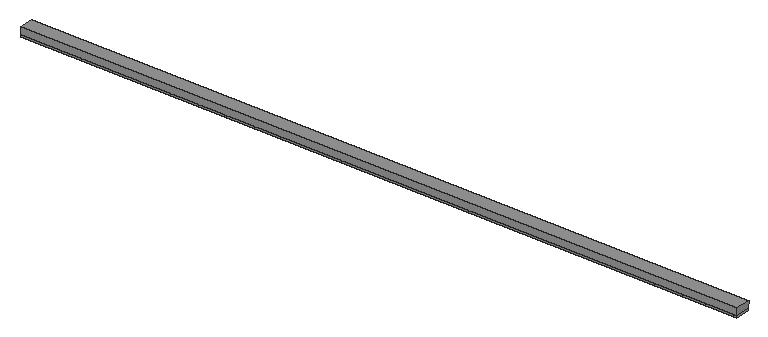
Revit family "0068106", category Lighting Fixtures, host Face, Revit 2017
Family settings
  Host = Face
  Round Connector Dimension = Use Diameter
  Part Type = Normal
  OmniClass Number = 23.80.70.00
  OmniClass Title = Lighting
  Cut with Voids When Loaded = No
  Light Source = Yes
  Shared = No
  Room Calculation Point = No
Parameters (values of type "0068106 START ECO FLEX IP67 830 4825LM - 500 mm")
  Width_SYL = if(IP20HO_SYL, 10 mm, if(IP65_SYL, 12 mm, if(IP65HO_SYL, 10 mm, if(IP67_SYL, 10 mm, if(IP20RGB_SYL, 8 mm, if(IP20RGBW_SYL, 12 mm, if(IP67RGB_SYL, 12 mm, if(IP67RGBW_SYL, 14 mm, 8 mm))))))))  # 10 mm
  Weight = "3.5 kg"
  Wattage Comments = ""
  Wattage = 47.5 W
  WarrantyStartDate [instance] = "n/a"
  WarrantyGuarantorParts = "n/a"
  WarrantyDurationUnit = "n/a"
  WarrantyDurationParts = "n/a"
  WarrantyDescription = "n/a"
  built-in parameter 1150110 = 1 (stored number, unit not read)
  Voltage = 24 V
  URL = "http://www.sylvania-lighting.com"
  TypeName = "START ECO FLEX IP67 830 4825LM - 500 mm"
  Type Image = <None>
  Type Comments = "n/a"
  built-in parameter 1114217 = 1 (stored number, unit not read)
  Tilt Angle = -90.00°
  built-in parameter 1150109 = 1 (stored number, unit not read)
  built-in parameter 1150134 = (empty or 0)
  built-in parameter 1150113 = 1 (stored number, unit not read)
  StartCapWidth_SYL = if(IP20HO_SYL, 2 mm, if(IP65_SYL, 14 mm, if(IP65HO_SYL, 12 mm, if(IP67_SYL, 17.5 mm, if(IP20RGB_SYL, 2 mm, if(IP20RGBW_SYL, 2 mm, if(IP67RGB_SYL, 14 mm, if(IP67RGBW_SYL, 16 mm, 2 mm))))))))  # 17.5 mm
  StartCapVisible_SYL [instance] = no
  StartCapLength_SYL = if(IP20HO_SYL, 2 mm, if(IP65_SYL, 10 mm, if(IP65HO_SYL, 15 mm, if(IP67_SYL, 35 mm, if(IP20RGB_SYL, 2 mm, if(IP20RGBW_SYL, 2 mm, if(IP67RGB_SYL, 12 mm, if(IP67RGBW_SYL, 12 mm, 2 mm))))))))  # 35 mm
  StartCapHeight_SYL = if(IP20HO_SYL, 2 mm, if(IP65_SYL, 6 mm, if(IP65HO_SYL, 6 mm, if(IP67_SYL, 9.5 mm, if(IP20RGB_SYL, 2 mm, if(IP20RGBW_SYL, 2 mm, if(IP67RGB_SYL, 7 mm, if(IP67RGBW_SYL, 7 mm, 2 mm))))))))  # 9.5 mm
  SerialNumber [instance] = "n/a"
  SealingVisibility_SYL = yes
  IP67_SYL = yes
  IP67RGB_SYL = no
  IP67RGBW_SYL = no
  IP65_SYL = no
  IP65HO_SYL = no
  IP20RGB_SYL = no
  IP20RGBW_SYL = no
  IP20HO_SYL = no
  HeightWithSealing_SYL = if(IP20HO_SYL, 2 mm, if(IP65_SYL, 4 mm, if(IP65HO_SYL, 4 mm, if(IP67_SYL, 6 mm, if(IP20RGB_SYL, 2 mm, if(IP20RGBW_SYL, 2 mm, if(IP67RGB_SYL, 5 mm, if(IP67RGBW_SYL, 5 mm, 2 mm))))))))  # 6 mm
  Photometric Web File = "0068106.ies"
  Material_3_SYL = ABS Plastic
  PowerFactor = 0
  PowerConsumption = "47.5 W"
  NominalLength = 5000 mm
  NominalHeight = 6 mm
  NominalDepth = 13.5 mm
  Name = "START ECO FLEX IP67 830 4825LM - 500 mm"
  ModelReference = Name  # "START ECO FLEX IP67 830 4825LM - 500 mm"
  ModelNumber = "0068106"
  Model = Name  # "START ECO FLEX IP67 830 4825LM - 500 mm"
  Material = "pvc housing, pvc diffuser"
  ManufacturerName = "Feilo Sylvania"
  Manufacturer = "Feilo Sylvania"
  LuminousEfficacy = "102 lm/W"
  built-in parameter 1150105 = 1682.2 (stored number, unit not read)
  Lumens = 4845 lm
  LuminaireType = ""
  built-in parameter 1150115 = 1 (stored number, unit not read)
  LightOutputRatio = "n/a"
  built-in parameter 1150137 = (empty or 0)
  built-in parameter 1150139 = (empty or 0)
  Length_SYL = 500 mm
  LampsType = Lamp  # "LED"
  LampNominalLuminous = "4825 lm"
  LampMacAdamStep = "3"
  LampColourTemperature = "3000 K"
  LampColourRenderingIndex = "80"
  built-in parameter 1150112 = 1 (stored number, unit not read)
  built-in parameter 1150114 = 1 (stored number, unit not read)
  Lamp = "LED"
  Keynote = "16500"
  InstallationDate [instance] = "n/a"
  InputVoltage = "24V DC"
  InputNominalFrequency = "n/a"
  built-in parameter 1150132 = (empty or 0)
  built-in parameter 1150102 = (empty or 0)
  built-in parameter 1150107 = 3000 (stored number, unit not read)
  built-in parameter 1150138 = (empty or 0)
  IngressProtection = "IP67"
  ImpactProtectionIndex = "IK00"
  built-in parameter 1150106 = 16.822 (stored number, unit not read)
  IfcExportType = "IfcLightFixtureType"
  IfcExportAs = "IfcLightFixtureType"
  EndCapWidth_SYL = if(IP20HO_SYL, 2 mm, if(IP65_SYL, 14 mm, if(IP65HO_SYL, 12 mm, if(IP67_SYL, 17.5 mm, if(IP20RGB_SYL, 2 mm, if(IP20RGBW_SYL, 2 mm, if(IP67RGB_SYL, 14 mm, if(IP67RGBW_SYL, 16 mm, 2 mm))))))))  # 17.5 mm
  EndCapVisible_SYL [instance] = no
  EndCapLength_SYL = if(IP20HO_SYL, 2 mm, if(IP65_SYL, 10 mm, if(IP65HO_SYL, 10 mm, if(IP67_SYL, 15 mm, if(IP20RGB_SYL, 2 mm, if(IP20RGBW_SYL, 2 mm, if(IP67RGB_SYL, 10 mm, if(IP67RGBW_SYL, 10 mm, 2 mm))))))))  # 15 mm
  EndCapHeight_SYL = if(IP20HO_SYL, 2 mm, if(IP65_SYL, 6 mm, if(IP65HO_SYL, 6 mm, if(IP67_SYL, 9.5 mm, if(IP20RGB_SYL, 2 mm, if(IP20RGBW_SYL, 2 mm, if(IP67RGB_SYL, 7 mm, if(IP67RGBW_SYL, 7 mm, 2 mm))))))))  # 9.5 mm
  EmitSurfaceOffset_SYL = 1 mm  # constant formula
  EmitSurfaceHeight_SYL = if(IP20HO_SYL, 1.2 mm, if(IP65_SYL, 4 mm, if(IP65HO_SYL, 4 mm, if(IP67_SYL, 6 mm, if(IP20RGB_SYL, 1.2 mm, if(IP20RGBW_SYL, 1.2 mm, if(IP67RGB_SYL, 5 mm, if(IP67RGBW_SYL, 5 mm, 1.2 mm))))))))  # 6 mm
  built-in parameter 1150127 = if(IP20HO_SYL, 3.5 mm, if(IP65_SYL, 12 mm, if(IP65HO_SYL, 10 mm, if(IP67_SYL, 10 mm, if(IP20RGB_SYL, 5 mm, if(IP20RGBW_SYL, 5 mm, if(IP67RGB_SYL, 12 mm, if(IP67RGBW_SYL, 14 mm, 3.5 mm))))))))  # 10 mm
  Emit from Rectangle Length = Length_SYL - 2 * EmitSurfaceOffset_SYL  # 498 mm
  Emit Shape Visible in Rendering = no
  ElectricShockClassification = "Class III"
  built-in parameter 1150104 = 9.4761 (stored number, unit not read)
  DocumentationLiterature = "http://www.sylvania-lighting.com/product/en-int/products/0068106"
  DimmingControlOptions = "n/a"
  Material_2_SYL = LED
  Dimming Lamp Color Temperature Shift = <None>
  Description = "5 metre IP67 LED reel with pre-attached 3M adhesive type;  equipped with 300 LEDs; 4825lm per 5m (965lm per 1m); 24V; 3000K; CRI80; SDCM <3; 30000 hrs (L70)"
  Default Elevation = 1219.2 mm
  CreatedOn = "9/11/2019"
  CreatedBy = "@sylvania-lighting.com"
  Cost = 0
  Color Filter = 16777215
  built-in parameter 1114216 [instance] = (empty or 0)
  ClassificationValue = "EF_70_80"
  ClassificationName = "Uniclass2015"
  Material_1_SYL = Aluminum
  BarCode [instance] = "n/a"
  built-in parameter 1114218 = 1 (stored number, unit not read)
  Emit from Rectangle Width = 3048 mm
  AssetType = "Fixed"
  AssetIdentifier [instance] = "n/a"
  Assembly Code = "D5020200"
  Apparent Load = 47.5 VA
  Material_4_SYL = Polycarbonate, Clear
Types (4, lengths in mm): name | TypeName | StartCapVisible_SYL | Name | ModelReference | Model | Length_SYL | EndCapVisible_SYL | Emit from Rectangle Length
  0068106 START ECO FLEX IP67 830 4825LM - 500 mm | "START ECO FLEX IP67 830 4825LM - 500 mm" | no | "START ECO FLEX IP67 830 4825LM - 500 mm" | "START ECO FLEX IP67 830 4825LM - 500 mm" | "START ECO FLEX IP67 830 4825LM - 500 mm" | 500 | no | 498
  0068106 START ECO FLEX IP67 830 4825LM - 100 mm | "START ECO FLEX IP67 830 4825LM - 100 mm" | no | "START ECO FLEX IP67 830 4825LM - 100 mm" | "START ECO FLEX IP67 830 4825LM - 100 mm" | "START ECO FLEX IP67 830 4825LM - 100 mm" | 100 | no | 98
  0068106 START ECO FLEX IP67 830 4825LM - 50 mm | "START ECO FLEX IP67 830 4825LM - 50 mm" | yes | "START ECO FLEX IP67 830 4825LM - 50 mm" | "START ECO FLEX IP67 830 4825LM - 50 mm" | "START ECO FLEX IP67 830 4825LM - 50 mm" | 50 | yes | 48
  0068106 START ECO FLEX IP67 830 4825LM - 10 mm | "START ECO FLEX IP67 830 4825LM - 10 mm" | yes | "START ECO FLEX IP67 830 4825LM - 10 mm" | "START ECO FLEX IP67 830 4825LM - 10 mm" | "START ECO FLEX IP67 830 4825LM - 10 mm" | 10 | yes | 8
Reference planes
  plane 1 "Center (Front/Back)": y = 0
  plane 2: z = 0
  plane 3 "Center (Left/Right)": x = 0
  plane 4: y = 5
  plane 5: y = -5
  plane 6: z = 1.2
  plane 7: x = 500
  plane 8: x = 250
  plane 9: x = 1
  plane 10: x = 499
  plane 11: y = 1.8
  plane 12: y = -1.8
  plane 13: y = 8.75
  plane 14: y = -8.75
  plane 15: x = -35
  plane 16: x = 515
  plane 17: y = 8.75
  plane 18: y = -8.75
  plane 19: z = 6
  plane 20: z = 6
  plane 21: z = 3
  plane 22: z = -1.75
  plane 23: z = 7.75
  plane 24: z = 7.75
  plane 25: z = -1.75
Forms (mm)
  Extrusion 1, solid, material "Aluminum" <- "Material_1_SYL"
    sketch origin (0, 0, 0) x (0, 1, 0) y (0, 0, 1)
      loop
        line (-5, 1.2) -> (-5, 0) -> (5, 0) -> (5, 1.2) -> (-5, 1.2)
    from 0 to 500
  Extrusion 2, solid, material "Polycarbonate, Clear" <- "Material_4_SYL", visible <- "SealingVisibility_SYL"
    sketch origin (0, 0, 0) x (0, 1, 0) y (0, 0, 1)
      loop
        line (-5, 1.2) -> (5, 1.2) -> (5, 6) -> (-5, 6) -> (-5, 1.2)
    from 0 to 500
  Extrusion 3, solid, visible <- "StartCapVisible_SYL"
    sketch origin (0, 0, 0) x (0, 1, 0) y (0, 0, 1)
      loop
        line (-8.75, -1.75) -> (8.75, -1.75) -> (8.75, 7.75) -> (-8.75, 7.75) -> (-8.75, -1.75)
    from 0 to -35
  Extrusion 4, solid, visible <- "EndCapVisible_SYL"
    sketch origin (500, 1524, 1219.2) x (0, 1, 0) y (0, 0, 1)
      loop
        line (-1515.25, -1220.95) -> (-1515.25, -1211.45) -> (-1532.75, -1211.45) -> (-1532.75, -1220.95) -> (-1515.25, -1220.95)
    from 0 to 15
Lines and regions (mm)
  Split face 1
    outline origin (0, -5, 1.2) x (0, 1, 0) y (-1, 0, 0)
      loop
        line (6.8, -1) -> (3.2, -1) -> (3.2, -499) -> (6.8, -499) -> (6.8, -1)
  reference lines
    curve 1: line (1, 1.8, 0) -> (499, 1.8, 0)
    curve 2: line (1, -1.8, 0) -> (1, 1.8, 0)
    curve 3: line (499, -1.8, 0) -> (1, -1.8, 0)
    curve 4: line (499, 1.8, 0) -> (499, -1.8, 0)
Dimensions and locks
  equal spacing: plane 5, plane 1 "Center (Front/Back)", plane 4
  "Width_SYL": plane 5 to plane 4
  "Length_SYL": plane 3 "Center (Left/Right)" to plane 7
  "EmitSurfaceOffset_SYL": plane 3 "Center (Left/Right)" to plane 9
  equal spacing: plane 9, plane 8, plane 10
  "EmitSurfaceOffset_SYL": plane 10 to plane 7
  equal spacing: plane 12, plane 1 "Center (Front/Back)", plane 11
  locked: plane 12 to plane 11 at 3.6
  equal spacing: plane 14, plane 1 "Center (Front/Back)", plane 13
  "StartCapWidth_SYL": plane 14 to plane 13
  "StartCapLength_SYL": plane 15 to plane 3 "Center (Left/Right)"
  equal spacing: plane 18, plane 1 "Center (Front/Back)", plane 17
  "EndCapWidth_SYL": plane 18 to plane 17
  "EndCapLength_SYL": plane 7 to plane 16
  "EmitSurfaceHeight_SYL": plane 19 to plane 2
  "HeightWithSealing_SYL": host face to plane 20
  equal spacing: plane 2, plane 21, plane 19
  equal spacing: plane 22, plane 21, plane 23
  "EndCapHeight_SYL": plane 22 to plane 23
  equal spacing: plane 25, plane 21, plane 24
  "StartCapHeight_SYL": plane 25 to plane 24
  aligned and locked: plane 2 to host face
  aligned and locked: level to host face
  aligned and locked: plane 6 to Extrusion 1 sketch curve
  aligned and locked: Extrusion 1 sketch curve to plane 5
  aligned and locked: level to Extrusion 1 sketch curve
  aligned and locked: plane 4 to Extrusion 1 sketch curve
  aligned and locked: plane 7 to Extrusion 1
  aligned and locked: imposter light to plane 1 "Center (Front/Back)"
  aligned and locked: plane 8 to imposter light
  aligned and locked: plane 11 to curve 1
  aligned and locked: plane 9 to curve 2
  aligned and locked: curve 3 to plane 12
  aligned and locked: curve 4 to plane 10
  aligned and locked: Split face 1 sketch curve to curve 1
  aligned and locked: Split face 1 sketch curve to curve 4
  aligned and locked: Split face 1 sketch curve to curve 3
  aligned and locked: Split face 1 sketch curve to curve 2
  aligned and locked: imposter light to plane 19
  aligned and locked: Extrusion 2 sketch curve to Extrusion 1  (x2)
  aligned and locked: Extrusion 2 sketch curve to plane 20
  aligned and locked: Extrusion 2 sketch curve to plane 4
  aligned and locked: Extrusion 2 to plane 3 "Center (Left/Right)"
  aligned and locked: plane 7 to Extrusion 2
  aligned and locked: plane 22 to Extrusion 3 sketch curve
  aligned and locked: plane 14 to Extrusion 3 sketch curve
  aligned and locked: Extrusion 3 sketch curve to plane 23
  aligned and locked: Extrusion 3 sketch curve to plane 13
  aligned and locked: Extrusion 3 to plane 15
  aligned and locked: plane 3 "Center (Left/Right)" to Extrusion 3
  aligned and locked: plane 13 to Extrusion 4 sketch curve
  aligned and locked: plane 23 to Extrusion 4 sketch curve
  aligned and locked: Extrusion 4 sketch curve to plane 18
  aligned and locked: Extrusion 4 sketch curve to plane 25
  aligned and locked: plane 16 to Extrusion 4
  aligned and locked: Extrusion 4 to plane 7
Automatic sketch dimensions
  host sketch curve to host sketch curve = 600 mm
  host sketch curve to host sketch curve = 100 mm
Connectors
  electrical at (0, 0, 0.6), driven by "Voltage", driven by "Apparent Load", driven by "PowerFactor"
    settings: on Extrusion 1, index 1, voltage 24 V, apparent load 47.5 VA, apparent load phase1 0 VA, apparent load phase2 0 VA, apparent load phase3 0 VA, power factor 0, load classification "Other", number of poles 1, system type 30, power factor state 1, is connector primary yes, connector utility no, sub classification motor no, connector description ""
